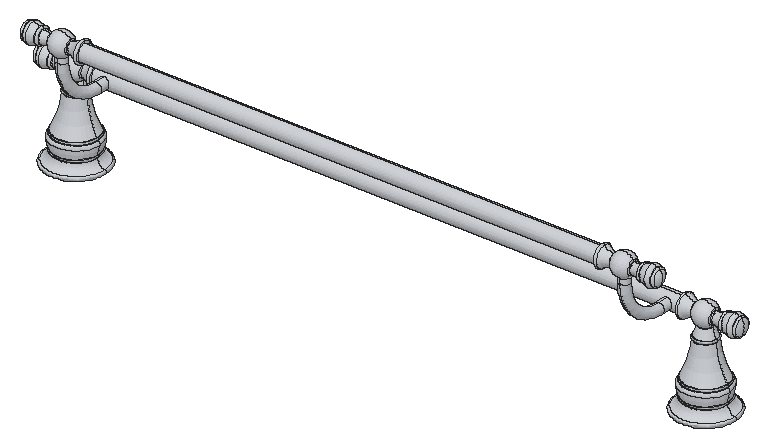
Revit family "Accessory-Towel_Bar-KOHLER-REVIVAL-K-98106T", category Specialty Equipment, host Face, Revit 2017
Family settings
  Host = Face
  Round Connector Dimension = Use Diameter
  Part Type = Normal
  OmniClass Number = 23.31.25.25
  OmniClass Title = Towel Bars
  Cut with Voids When Loaded = No
  Shared = No
  Room Calculation Point = No
Parameters (values of type "CP-Polished Chrome")
  Width = 23.97638"  # constant formula
  WaterSense Certified = 1 = 0  # no
  URL = "http://www.kohler.com.cn/"
  Type = 1
  Product Page URL = "https://www.kohler.com.cn/product/K-98106T-CP/K-98106T-CP/"
  Product Name = "REVIVAL"  # constant formula
  Product Documentation Link = "https://files.kohler.com.cn/pdfs/k_98106t.pdf"
  Model = if(Type = 1, "K-98106T-CP", if(Type = 2, "K-98106T-AF", "NA"))  # "K-98106T-CP"
  Material = "Premium Metal Construction"  # constant formula
  Master Format 2014 Name = "Toilet, Bath, and Laundry Accessories"  # constant formula
  Master Format 2014 = "10 28 00"  # constant formula
  Manufacturer Address = "Kohler Beijing Office (100016) 36-2-03-B, No. 88, Liuxiang Road, Beijing"  # constant formula
  Manufacturer = "KOHLER Co."  # constant formula
  Length = 5.94488"  # constant formula
  Height = 3.85827"  # constant formula
  Finish = Kohler-Metal-CP-Polished_Chrome
  Environmental Product Declaration = ""
  Description = "24 Inch Double towel Bar"  # constant formula
  Default Elevation = 42"
  Declare Label = ""
  Date Modified = "07/21/2020"  # constant formula
  Date Created = "07/21/2020"  # constant formula
  Copyright = "Copyright KOHLER Co."  # constant formula
  Contact Us = "http://www.kohler.com.cn/contact/contact-us/"
  Assembly Code = "C1030200"
  ADA Compliant = 1 = 0  # no
Reference planes (in)
  plane 1 "Center (Front/Back)": y = 0
  plane 2: z = 0
  plane 3 "Center (Left/Right)": x = 0
  plane 4: y = 1.14173
  plane 5: x = -13.4252
  plane 6: x = -11.98819
  plane 7: x = -10.70866
  plane 8: y = -2.71654
  plane 9: y = -2.28346
  plane 10: y = -1.14173
  plane 11: x = -13.12992
  plane 12: x = -10.70866
  plane 13: x = -10.84646
  plane 14: x = -12.15798
  plane 15: x = -11.16929
  plane 16: x = -10.90551
  plane 17: x = -10.51181
  plane 18: x = -9.84852
  plane 19: x = 13.4252
  plane 20: x = 11.98819
  plane 21: x = 10.70866
  plane 22: x = 13.12992
  plane 23: x = 10.84646
  plane 24: x = 12.15798
  plane 25: x = 11.16929
  plane 26: x = 10.90551
  plane 27: x = 10.51181
  plane 28: x = 9.84852
  plane 29: y = 0.43946
  plane 30: y = 0.3112
  plane 31: y = -0.43946
  plane 32: y = -0.3112
  plane 33: y = -1.85039
  plane 34: z = 5.94488
  plane 35: z = 5.82284
  plane 36: z = 5.51181
  plane 37: z = 5.07874
  plane 38: z = 5.20079
  plane 39: z = 3.71925
  plane 40: z = 3.59102
  plane 41: z = 3.28
  plane 42: z = 2.84075
  plane 43: z = 2.84075
Dimensions and locks (in)
  "Width": plane 6 to plane 20
  "Length": level to plane 34
  plane 19 to plane 5 = 26.85039"
  plane 21 to plane 12 = 21.41732"
  level to plane 36 = 5.51181"
  plane 22 to plane 23 = 2.28346"
  locked: plane 36 to plane 2 at 5.51181
  "Height": plane 8 to plane 4
  locked: plane 7 to plane 21 at 21.41732
  locked: plane 5 to plane 19 at 26.85039
  locked: plane 10 to plane 4 at 2.28346
  locked: plane 11 to plane 13 at 2.28346
  locked: plane 23 to plane 22 at 2.28346
  aligned and locked: plane 2 to host face
  aligned and locked: level to host face
Automatic sketch dimensions
  host sketch curve to host sketch curve = 96"  (x2)
Nested families (in)
  nested 1: "K-98106T" at (0, 0, 0), type "K-98106T"
Definition of nested family "K-98106T"
  Parameters (values of type "K-98106T")
    Material = none
  Reference planes (in)
    plane 1 "Center (Front/Back)": y = 0
    plane 2: z = 0
    plane 3 "Center (Left/Right)": x = 0
    plane 4: x = 11.98819
    plane 5: x = -11.98819
    plane 6: y = 1.14173
    plane 7: y = -1.14173
    plane 8: x = -10.70866
    plane 9: x = 10.70866
    plane 10: x = -13.4252
    plane 11: x = 13.4252
    plane 12: y = -2.71654
    plane 13: z = 5.94488
    plane 14: z = 5.51181
    plane 15: z = 3.28
    plane 16: y = -2.28346
    plane 17: x = -13.12992
    plane 18: x = -10.84646
    plane 19: x = 13.12992
    plane 20: x = 10.84646
    plane 21: y = -1.85039
    plane 22: x = -9.84852
    plane 23: x = 9.84852
    plane 24: x = -10.90551
    plane 25: x = -10.51181
    plane 26: x = -11.16929
    plane 27: x = 11.98819
    plane 28: x = 10.70866
    plane 29: x = 13.12992
    plane 30: x = 10.84646
    plane 31: x = 9.84852
    plane 32: x = 10.90551
    plane 33: x = 10.51181
    plane 34: x = 11.16929
    plane 35: y = 0.3112
    plane 36: y = -0.3112
    plane 37: y = 0.43946
    plane 38: y = -0.3112
    plane 39: y = -0.43946
    plane 40: y = -1.97301
    plane 41: y = -2.59391
    plane 42: x = -12.15798
    plane 43: x = 12.15798
    plane 44: z = 5.07874
    plane 45: z = 5.82284
    plane 46: z = 5.20079
    plane 47: z = 3.71925
    plane 48: z = 3.59102
    plane 49: z = 2.84075
    plane 50: z = 2.96898
  Forms (in)
    Revolve 1, solid, material <- "Material", detail levels medium+fine
      sketch origin (0, 0, 0) x (1, 0, 0) y (0, 0, 1)
        loop
          arc (13.36008, 3.5854) -> (13.32288, 3.61899) -> (13.27529, 3.60329) r 0.04986
          arc (13.27529, 3.60329) -> (13.25757, 3.59632) -> (13.24151, 3.60654) r 0.02099
          arc (13.24151, 3.60654) -> (13.17682, 3.6656) -> (13.09015, 3.67831) r 0.14959
          arc (13.09015, 3.67831) -> (12.96204, 3.64884) -> (12.83973, 3.60067) r 0.88225
          arc (12.83973, 3.60067) -> (12.82269, 3.59821) -> (12.80734, 3.60601) r 0.02852
          arc (12.80734, 3.60601) -> (12.75319, 3.61643) -> (12.72262, 3.57054) r 0.04981
          arc (12.72262, 3.57054) -> (12.71755, 3.55527) -> (12.70438, 3.54604) r 0.0256
          arc (12.70438, 3.54604) -> (12.56005, 3.51379) -> (12.4126, 3.5025) r 1.03164
          line (12.4126, 3.5025) -> (12.32819, 3.5025) -> (12.32819, 3.55856)
          arc (12.32819, 3.55856) -> (11.98837, 3.71952) -> (11.64819, 3.55934) r 0.44026
          line (11.64819, 3.55934) -> (11.64819, 3.37191) -> (11.59829, 3.37191) -> (11.59829, 3.5143)
          arc (11.59829, 3.5143) -> (11.41141, 3.58739) -> (11.2446, 3.69893) r 0.92834
          arc (11.2446, 3.69893) -> (11.19576, 3.70535) -> (11.16929, 3.66379) r 0.04585
          line (11.16929, 3.66379) -> (11.16929, 3.28) -> (13.4252, 3.28)
          arc (13.4252, 3.28) -> (13.40874, 3.43613) -> (13.36008, 3.5854) r 0.74869
        axis (13.4252, 3.28) -> (11.16929, 3.28)
      angle from 0 to 360
    Revolve 2, solid, material <- "Material", detail levels medium+fine
      sketch origin (0, 0, 0) x (1, 0, 0) y (0, 0, 1)
        loop
          line (11.98819, 0) -> (13.07864, 0)
          arc (13.07864, 0) -> (13.13864, 0.06) -> (13.07864, 0.12) r 0.06
          arc (13.07864, 0.12) -> (12.88906, 0.24508) -> (12.80871, 0.45752) r 0.36883
          arc (12.80871, 0.45752) -> (12.81225, 0.4729) -> (12.8233, 0.48417) r 0.02909
          arc (12.8233, 0.48417) -> (12.83827, 0.50882) -> (12.82538, 0.53462) r 0.02982
          arc (12.82538, 0.53462) -> (12.81636, 0.54679) -> (12.8167, 0.56193) r 0.02337
          arc (12.8167, 0.56193) -> (12.86446, 0.72786) -> (12.88792, 0.89892) r 1.2003
          arc (12.88792, 0.89892) -> (12.8747, 0.98072) -> (12.82725, 1.04865) r 0.18599
          arc (12.82725, 1.04865) -> (12.8193, 1.06244) -> (12.82086, 1.07828) r 0.02602
          arc (12.82086, 1.07828) -> (12.8214, 1.10066) -> (12.8062, 1.1171) r 0.0298
          arc (12.8062, 1.1171) -> (12.79258, 1.12638) -> (12.78254, 1.13945) r 0.05216
          arc (12.78254, 1.13945) -> (12.52158, 1.77324) -> (12.39975, 2.44774) r 3.24096
          arc (12.39975, 2.44774) -> (12.40293, 2.46298) -> (12.41368, 2.47423) r 0.02831
          arc (12.41368, 2.47423) -> (12.42795, 2.50574) -> (12.40298, 2.52967) r 0.02993
          arc (12.40298, 2.52967) -> (12.3885, 2.5356) -> (12.37839, 2.54754) r 0.0329
          arc (12.37839, 2.54754) -> (12.3026, 2.72193) -> (12.24536, 2.90326) r 1.82523
          arc (12.24536, 2.90326) -> (12.24501, 2.92071) -> (12.25256, 2.93645) r 0.03771
          line (12.25256, 2.93645) -> (12.2987, 2.99344) -> (11.98819, 2.99344) -> (11.98819, 0)
        axis (11.98819, 2.99344) -> (11.98819, 0)
      angle from 0 to 360
    Revolve 3, solid, material <- "Material", detail levels medium+fine
      sketch origin (0, 0, 0) x (-1, 0, 0) y (0, 0, 1)
        loop
          arc (13.35677, 3.59269) -> (13.31923, 3.62049) -> (13.27563, 3.60369) r 0.04849
          arc (13.27563, 3.60369) -> (13.25784, 3.5963) -> (13.24151, 3.60654) r 0.02099
          arc (13.24151, 3.60654) -> (13.17682, 3.6656) -> (13.09015, 3.67831) r 0.14959
          arc (13.09015, 3.67831) -> (12.96204, 3.64884) -> (12.83973, 3.60067) r 0.88225
          arc (12.83973, 3.60067) -> (12.82269, 3.59821) -> (12.80734, 3.60601) r 0.02852
          arc (12.80734, 3.60601) -> (12.75328, 3.61647) -> (12.72262, 3.57074) r 0.04981
          arc (12.72262, 3.57074) -> (12.71747, 3.55534) -> (12.70419, 3.54599) r 0.02602
          arc (12.70419, 3.54599) -> (12.56001, 3.51343) -> (12.4126, 3.5025) r 0.99934
          line (12.4126, 3.5025) -> (12.32819, 3.5025) -> (12.32819, 3.55856)
          arc (12.32819, 3.55856) -> (11.98837, 3.71952) -> (11.64819, 3.55934) r 0.44026
          line (11.64819, 3.55934) -> (11.64819, 3.37191) -> (11.59829, 3.37191) -> (11.59829, 3.5143)
          arc (11.59829, 3.5143) -> (11.41141, 3.58739) -> (11.2446, 3.69893) r 0.92834
          arc (11.2446, 3.69893) -> (11.19576, 3.70535) -> (11.16929, 3.66379) r 0.04585
          line (11.16929, 3.66379) -> (11.16929, 3.28) -> (13.4252, 3.28)
          arc (13.4252, 3.28) -> (13.40789, 3.44004) -> (13.35677, 3.59269) r 0.74869
        axis (13.4252, 3.28) -> (11.16929, 3.28)
      angle from 0 to 360
    Revolve 4, solid, material <- "Material", detail levels medium+fine
      sketch origin (0, 0, 0) x (-1, 0, 0) y (0, 0, 1)
        loop
          line (11.98819, 0) -> (13.07864, 0)
          arc (13.07864, 0) -> (13.13864, 0.06) -> (13.07864, 0.12) r 0.06
          arc (13.07864, 0.12) -> (12.88906, 0.24508) -> (12.80871, 0.45752) r 0.36883
          arc (12.80871, 0.45752) -> (12.81225, 0.4729) -> (12.8233, 0.48417) r 0.02909
          arc (12.8233, 0.48417) -> (12.83827, 0.50882) -> (12.82538, 0.53462) r 0.02982
          arc (12.82538, 0.53462) -> (12.81636, 0.54679) -> (12.8167, 0.56193) r 0.02337
          arc (12.8167, 0.56193) -> (12.86446, 0.72786) -> (12.88792, 0.89892) r 1.2003
          arc (12.88792, 0.89892) -> (12.8747, 0.98072) -> (12.82725, 1.04865) r 0.18599
          arc (12.82725, 1.04865) -> (12.8193, 1.06244) -> (12.82086, 1.07828) r 0.02602
          arc (12.82086, 1.07828) -> (12.8214, 1.10066) -> (12.8062, 1.1171) r 0.0298
          arc (12.8062, 1.1171) -> (12.79258, 1.12638) -> (12.78254, 1.13945) r 0.05216
          arc (12.78254, 1.13945) -> (12.52158, 1.77324) -> (12.39975, 2.44774) r 3.24096
          arc (12.39975, 2.44774) -> (12.40293, 2.46298) -> (12.41368, 2.47423) r 0.02831
          arc (12.41368, 2.47423) -> (12.42795, 2.50574) -> (12.40298, 2.52967) r 0.02993
          arc (12.40298, 2.52967) -> (12.3885, 2.5356) -> (12.37839, 2.54754) r 0.0329
          arc (12.37839, 2.54754) -> (12.3026, 2.72193) -> (12.24536, 2.90326) r 1.82523
          arc (12.24536, 2.90326) -> (12.24501, 2.92071) -> (12.25256, 2.93645) r 0.03771
          line (12.25256, 2.93645) -> (12.2987, 2.99344) -> (11.98819, 2.99344) -> (11.98819, 0)
        axis (11.98819, 2.99344) -> (11.98819, 0)
      angle from 0 to 360
    Revolve 5, solid, material <- "Material", detail levels medium+fine
      sketch origin (0, 0, 0) x (1, 0, 0) y (0, 0, 1)
        loop
          line (11.16929, 3.28) -> (11.16929, 3.59102) -> (-11.20029, 3.59102) -> (-11.20029, 3.28) -> (11.16929, 3.28)
        axis (11.16929, 3.28) -> (-11.20029, 3.28)
      angle from 0 to 360
    Revolve 6, solid, material <- "Material", detail levels medium+fine
      sketch origin (0, -2.28346, 2.23181) x (1, 0, 0) y (0, 0, 1)
        loop
          line (9.88838, 3.28) -> (9.88838, 3.59102) -> (-9.90865, 3.59102) -> (-9.90865, 3.28) -> (9.88838, 3.28)
        axis (9.88838, 3.28) -> (-9.90865, 3.28)
      angle from 0 to 360
    Revolve 7, solid, material <- "Material", detail levels medium+fine
      sketch origin (0, -2.28346, 0) x (1, 0, 0) y (0, 0, 1)
        loop
          arc (11.96127, 5.81562) -> (11.94388, 5.80868) -> (11.92807, 5.81873) r 0.02055
          arc (11.92807, 5.81873) -> (11.86329, 5.8781) -> (11.77636, 5.89091) r 0.14977
          arc (11.77636, 5.89091) -> (11.64766, 5.86127) -> (11.52483, 5.81273) r 0.88144
          arc (11.52483, 5.81273) -> (11.50871, 5.81047) -> (11.49432, 5.81806) r 0.02649
          arc (11.49432, 5.81806) -> (11.44037, 5.82965) -> (11.40874, 5.78443) r 0.04989
          arc (11.40874, 5.78443) -> (11.40296, 5.76799) -> (11.38863, 5.75808) r 0.02822
          arc (11.38863, 5.75808) -> (11.24528, 5.72614) -> (11.09882, 5.7151) r 1.02049
          line (11.09882, 5.7151) -> (11.04882, 5.7151) -> (11.04882, 5.77318)
          arc (11.04882, 5.77318) -> (10.70787, 5.94488) -> (10.3685, 5.77007) r 0.42056
          line (10.3685, 5.77007) -> (10.3685, 5.71571) -> (10.31634, 5.71571)
          arc (10.31634, 5.71571) -> (10.12085, 5.78434) -> (9.94425, 5.8927) r 0.97573
          arc (9.94425, 5.8927) -> (9.88815, 5.92182) -> (9.84852, 5.87257) r 0.0499
          line (9.84852, 5.87257) -> (9.84852, 5.51181) -> (12.1571, 5.51181)
          arc (12.1571, 5.51181) -> (12.12851, 5.66494) -> (12.04657, 5.79742) r 0.42428
          arc (12.04657, 5.79742) -> (12.00927, 5.8316) -> (11.96127, 5.81562) r 0.04991
        axis (12.1571, 5.51181) -> (9.84852, 5.51181)
      angle from 0 to 360
    Revolve 8, solid, material <- "Material", detail levels medium+fine
      sketch origin (0, -2.28346, 0) x (-1, 0, 0) y (0, 0, -1)
        loop
          arc (11.96127, -5.81562) -> (12.00927, -5.8316) -> (12.04657, -5.79742) r 0.04991
          arc (12.04657, -5.79742) -> (12.12851, -5.66494) -> (12.1571, -5.51181) r 0.42428
          line (12.1571, -5.51181) -> (9.84852, -5.51181) -> (9.84852, -5.87257)
          arc (9.84852, -5.87257) -> (9.88815, -5.92182) -> (9.94425, -5.8927) r 0.0499
          arc (9.94425, -5.8927) -> (10.12085, -5.78434) -> (10.31634, -5.71571) r 0.97573
          line (10.31634, -5.71571) -> (10.3685, -5.71571) -> (10.3685, -5.77007)
          arc (10.3685, -5.77007) -> (10.70787, -5.94488) -> (11.04882, -5.77318) r 0.42056
          line (11.04882, -5.77318) -> (11.04882, -5.7151) -> (11.09882, -5.7151)
          arc (11.09882, -5.7151) -> (11.24528, -5.72614) -> (11.38863, -5.75808) r 1.02049
          arc (11.38863, -5.75808) -> (11.40296, -5.76799) -> (11.40874, -5.78443) r 0.02822
          arc (11.40874, -5.78443) -> (11.44037, -5.82965) -> (11.49432, -5.81806) r 0.04989
          arc (11.49432, -5.81806) -> (11.50871, -5.81047) -> (11.52483, -5.81273) r 0.02649
          arc (11.52483, -5.81273) -> (11.64766, -5.86127) -> (11.77636, -5.89091) r 0.88144
          arc (11.77636, -5.89091) -> (11.86329, -5.8781) -> (11.92807, -5.81873) r 0.14977
          arc (11.92807, -5.81873) -> (11.94388, -5.80868) -> (11.96127, -5.81562) r 0.02055
        axis (12.1571, -5.51181) -> (9.84852, -5.51181)
      angle from 0 to 360
    Sweep 9, solid, material <- "Material", detail levels medium+fine
      path origin (0, 0, 0) x (0, 1, 0) y (0, 0, 1)
        loop
          line (-0.2225, 3.28) -> (-0.64979, 3.28)
          arc (-0.64979, 3.28) -> (-1.80497, 3.75849) -> (-2.28346, 4.91368) r 1.63368
          line (-2.28346, 4.91368) -> (-2.28346, 5.30792)
      profile origin (0, -0.43614, 3.28) x (0, 0, -1) y (1, 0, 0)
        loop
          circle (0, 10.70866) r 0.19685
    Sweep 10, solid, material <- "Material", detail levels medium+fine
      path origin (0, 0, 0) x (0, 1, 0) y (0, 0, -1)
        loop
          line (-0.2225, -3.28) -> (-0.64979, -3.28)
          arc (-0.64979, -3.28) -> (-1.80497, -3.75849) -> (-2.28346, -4.91368) r 1.63368
          line (-2.28346, -4.91368) -> (-2.28346, -5.30792)
      profile origin (0, -0.43614, 3.28) x (0, 0, 1) y (-1, 0, 0)
        loop
          circle (0, 10.70866) r 0.19685
    Extrusion 11, solid, material <- "Material", detail levels coarse
      sketch origin (0, 0, 0) x (0, 1, 0) y (0, 0, 1)
        loop
          circle (0, 3.28) r 0.48909
      from -13.4252 to 13.42724
    Sweep 12, solid, material <- "Material", detail levels coarse
      path origin (10.70866, 0, 0) x (0, 1, 0) y (0, 0, 1)
        loop
          arc (-0.3054, 3.28) -> (-1.74929, 3.71565) -> (-2.28346, 5.12606) r 1.70596
      profile origin (10.70866, -1.74929, 3.71565) x (0, -0.682293, -0.731079) y (1, 0, 0)
        loop
          circle (0, 0) r 0.27559
    Sweep 13, solid, material <- "Material", detail levels coarse
      path origin (-10.70866, 0, 0.18692) x (0, 1, 0) y (0, 0, 1)
        loop
          arc (-0.3054, 3.28) -> (-1.74929, 3.71565) -> (-2.28346, 5.12606) r 1.70596
      profile origin (-10.70866, -1.74929, 3.90257) x (0, -0.682293, -0.731079) y (1, 0, 0)
        loop
          circle (0, 0) r 0.27559
    Revolve 14, solid, material <- "Material", detail levels coarse
      sketch origin (0, 0, 0) x (1, 0, 0) y (0, 0, 1)
        loop
          line (11.98819, 0) -> (13.12992, 0) -> (13.12992, 0.12) -> (12.88789, 0.12) -> (12.88789, 0.89893) -> (12.32819, 2.65527) -> (12.32819, 3.28) -> (11.98819, 3.28) -> (11.98819, 0)
        axis (11.98819, 3.28) -> (11.98819, 0)
      angle from 0 to 360
    Revolve 15, solid, material <- "Material", detail levels coarse
      sketch origin (0, 0, 0) x (-1, 0, 0) y (0, 0, 1)
        loop
          line (11.98819, 0) -> (13.12992, 0) -> (13.12992, 0.12) -> (12.88789, 0.12) -> (12.88789, 0.89893) -> (12.32819, 2.65527) -> (12.32819, 3.28) -> (11.98819, 3.28) -> (11.98819, 0)
        axis (11.98819, 3.28) -> (11.98819, 0)
      angle from 0 to 360
    Extrusion 16, solid, material <- "Material", detail levels coarse
      sketch origin (0, 0, 0) x (0, 1, 0) y (0, 0, 1)
        loop
          circle (-2.28346, 5.51181) r 0.43307
      from -12.15436 to 12.15419
  Cuts and joins
    joined: Revolve 1, Revolve 2, Revolve 3, Revolve 4, Revolve 5, Revolve 6, Revolve 7, Revolve 8, Sweep 9, Sweep 10
    joined: Extrusion 11, Sweep 12, Sweep 13, Revolve 14, Revolve 15
  Lines and regions (in)
    Masking region 1
      outline origin (0, 0, 0) x (1, 0, 0) y (0, 0, 1)
        loop
          line (10.90646, 0) -> (13.06992, 0)
          arc (13.06992, 0) -> (13.12992, 0.06) -> (13.06992, 0.12) r 0.06
          arc (13.06992, 0.12) -> (12.88666, 0.24767) -> (12.80908, 0.45711) r 0.37333
          arc (12.80908, 0.45711) -> (12.8127, 0.47323) -> (12.82414, 0.48515) r 0.03075
          arc (12.82414, 0.48515) -> (12.83846, 0.50937) -> (12.82567, 0.53443) r 0.02919
          arc (12.82567, 0.53443) -> (12.81646, 0.54677) -> (12.81684, 0.56216) r 0.02354
          arc (12.81684, 0.56216) -> (12.86502, 0.72788) -> (12.88789, 0.89893) r 1.1512
          arc (12.88789, 0.89893) -> (12.87427, 0.98096) -> (12.82666, 1.04912) r 0.1884
          arc (12.82666, 1.04912) -> (12.81902, 1.06258) -> (12.82078, 1.07795) r 0.02495
          arc (12.82078, 1.07795) -> (12.82157, 1.10071) -> (12.80597, 1.1173) r 0.02961
          arc (12.80597, 1.1173) -> (12.79277, 1.12604) -> (12.78308, 1.13856) r 0.04865
          arc (12.78308, 1.13856) -> (12.52218, 1.77295) -> (12.39975, 2.44787) r 3.26109
          arc (12.39975, 2.44787) -> (12.40291, 2.46302) -> (12.41361, 2.47419) r 0.02805
          arc (12.41361, 2.47419) -> (12.42797, 2.50553) -> (12.4033, 2.5296) r 0.02993
          arc (12.4033, 2.5296) -> (12.38847, 2.53578) -> (12.37806, 2.54801) r 0.03446
          arc (12.37806, 2.54801) -> (12.30179, 2.72157) -> (12.24549, 2.9026) r 1.68591
          arc (12.24549, 2.9026) -> (12.24625, 2.91841) -> (12.25565, 2.93115) r 0.02734
          arc (12.25565, 2.93115) -> (12.29417, 2.96397) -> (12.32819, 3.00144) r 0.39536
          line (12.32819, 3.00144) -> (12.32819, 3.05758) -> (12.4126, 3.05758)
          arc (12.4126, 3.05758) -> (12.56103, 3.04644) -> (12.70613, 3.01328) r 0.99461
          arc (12.70613, 3.01328) -> (12.71853, 3.00433) -> (12.72299, 2.9897) r 0.02394
          arc (12.72299, 2.9897) -> (12.75248, 2.94326) -> (12.80654, 2.95341) r 0.04905
          arc (12.80654, 2.95341) -> (12.82324, 2.96186) -> (12.84172, 2.95895) r 0.03045
          arc (12.84172, 2.95895) -> (12.95461, 2.91265) -> (13.0734, 2.88474) r 0.77101
          arc (13.0734, 2.88474) -> (13.16929, 2.89088) -> (13.24169, 2.95405) r 0.14968
          arc (13.24169, 2.95405) -> (13.25749, 2.96416) -> (13.2749, 2.95719) r 0.02051
          arc (13.2749, 2.95719) -> (13.32258, 2.94101) -> (13.36008, 2.9746) r 0.0499
          arc (13.36008, 2.9746) -> (13.4252, 3.28) -> (13.36008, 3.5854) r 0.74869
          arc (13.36008, 3.5854) -> (13.32258, 3.61899) -> (13.2749, 3.60281) r 0.0499
          arc (13.2749, 3.60281) -> (13.25749, 3.59584) -> (13.24169, 3.60595) r 0.02051
          arc (13.24169, 3.60595) -> (13.16929, 3.66912) -> (13.0734, 3.67526) r 0.14968
          arc (13.0734, 3.67526) -> (12.95461, 3.64735) -> (12.84172, 3.60105) r 0.77101
          arc (12.84172, 3.60105) -> (12.82324, 3.59814) -> (12.80654, 3.60659) r 0.03045
          arc (12.80654, 3.60659) -> (12.75248, 3.61674) -> (12.72299, 3.5703) r 0.04905
          arc (12.72299, 3.5703) -> (12.71853, 3.55567) -> (12.70613, 3.54672) r 0.02394
          arc (12.70613, 3.54672) -> (12.56103, 3.51356) -> (12.4126, 3.50242) r 0.99461
          line (12.4126, 3.50242) -> (12.32819, 3.50242) -> (12.32819, 3.55856)
          arc (12.32819, 3.55856) -> (11.98819, 3.71925) -> (11.64819, 3.55856) r 0.44005
          line (11.64819, 3.55856) -> (11.64819, 3.37191) -> (11.59829, 3.37191) -> (11.59829, 3.5143)
          arc (11.59829, 3.5143) -> (11.41106, 3.58753) -> (11.2441, 3.69954) r 0.92376
          arc (11.2441, 3.69954) -> (11.1956, 3.70599) -> (11.16929, 3.66474) r 0.0455
          line (11.16929, 3.66474) -> (11.16929, 3.59102) -> (10.90551, 3.59102) -> (10.90551, 5.12736)
          arc (10.90551, 5.12736) -> (10.98413, 5.1808) -> (11.04882, 5.25044) r 0.42279
          line (11.04882, 5.25044) -> (11.04882, 5.30852) -> (11.09882, 5.30852)
          arc (11.09882, 5.30852) -> (11.2449, 5.29707) -> (11.38801, 5.26561) r 1.06183
          arc (11.38801, 5.26561) -> (11.40376, 5.25484) -> (11.41018, 5.23686) r 0.03089
          arc (11.41018, 5.23686) -> (11.44074, 5.19354) -> (11.49255, 5.20478) r 0.04799
          arc (11.49255, 5.20478) -> (11.50975, 5.21362) -> (11.52878, 5.21026) r 0.03031
          arc (11.52878, 5.21026) -> (11.6528, 5.15803) -> (11.78476, 5.13169) r 0.66893
          arc (11.78476, 5.13169) -> (11.86689, 5.14741) -> (11.92751, 5.20502) r 0.14851
          arc (11.92751, 5.20502) -> (11.94345, 5.21525) -> (11.96105, 5.20823) r 0.02071
          arc (11.96105, 5.20823) -> (12.00908, 5.19213) -> (12.04657, 5.2262) r 0.05006
          arc (12.04657, 5.2262) -> (12.15699, 5.51181) -> (12.04657, 5.79742) r 0.42458
          arc (12.04657, 5.79742) -> (12.00908, 5.83149) -> (11.96105, 5.81539) r 0.05006
          arc (11.96105, 5.81539) -> (11.94345, 5.80838) -> (11.92751, 5.8186) r 0.02071
          arc (11.92751, 5.8186) -> (11.86689, 5.87621) -> (11.78476, 5.89193) r 0.14851
          arc (11.78476, 5.89193) -> (11.6528, 5.86559) -> (11.52878, 5.81337) r 0.66893
          arc (11.52878, 5.81337) -> (11.50975, 5.81001) -> (11.49255, 5.81884) r 0.03031
          arc (11.49255, 5.81884) -> (11.44074, 5.83009) -> (11.41018, 5.78676) r 0.04799
          arc (11.41018, 5.78676) -> (11.40376, 5.76879) -> (11.38801, 5.75802) r 0.03089
          arc (11.38801, 5.75802) -> (11.2449, 5.72656) -> (11.09882, 5.7151) r 1.06183
          line (11.09882, 5.7151) -> (11.04882, 5.7151) -> (11.04882, 5.77318)
          arc (11.04882, 5.77318) -> (10.70866, 5.94488) -> (10.3685, 5.77318) r 0.42279
          line (10.3685, 5.77318) -> (10.3685, 5.71571) -> (10.31634, 5.71571)
          arc (10.31634, 5.71571) -> (10.1209, 5.78446) -> (9.94425, 5.8927) r 0.9816
          arc (9.94425, 5.8927) -> (9.88921, 5.92217) -> (9.8496, 5.87392) r 0.04919
          line (9.8496, 5.87392) -> (9.84852, 5.82284) -> (-9.84852, 5.82284) -> (-9.84852, 5.87392)
          arc (-9.84852, 5.87392) -> (-9.88921, 5.92217) -> (-9.94425, 5.8927) r 0.04919
          arc (-9.94425, 5.8927) -> (-10.1209, 5.78446) -> (-10.31634, 5.71571) r 0.9816
          line (-10.31634, 5.71571) -> (-10.3685, 5.71571) -> (-10.3685, 5.77318)
          arc (-10.3685, 5.77318) -> (-10.70866, 5.94488) -> (-11.04882, 5.77318) r 0.42279
          line (-11.04882, 5.77318) -> (-11.04882, 5.7151) -> (-11.09882, 5.7151)
          arc (-11.09882, 5.7151) -> (-11.2449, 5.72656) -> (-11.38801, 5.75802) r 1.06183
          arc (-11.38801, 5.75802) -> (-11.40376, 5.76879) -> (-11.41018, 5.78676) r 0.03089
          arc (-11.41018, 5.78676) -> (-11.44074, 5.83009) -> (-11.49255, 5.81884) r 0.04799
          arc (-11.49255, 5.81884) -> (-11.50975, 5.81001) -> (-11.52878, 5.81337) r 0.03031
          arc (-11.52878, 5.81337) -> (-11.6528, 5.86559) -> (-11.78476, 5.89193) r 0.66893
          arc (-11.78476, 5.89193) -> (-11.86689, 5.87621) -> (-11.92751, 5.8186) r 0.14851
          arc (-11.92751, 5.8186) -> (-11.94345, 5.80838) -> (-11.96105, 5.81539) r 0.02071
          arc (-11.96105, 5.81539) -> (-12.00908, 5.83149) -> (-12.04657, 5.79742) r 0.05006
          arc (-12.04657, 5.79742) -> (-12.15699, 5.51181) -> (-12.04657, 5.2262) r 0.42458
          arc (-12.04657, 5.2262) -> (-12.00908, 5.19213) -> (-11.96105, 5.20823) r 0.05006
          arc (-11.96105, 5.20823) -> (-11.94345, 5.21525) -> (-11.92751, 5.20502) r 0.02071
          arc (-11.92751, 5.20502) -> (-11.86689, 5.14741) -> (-11.78476, 5.13169) r 0.14851
          arc (-11.78476, 5.13169) -> (-11.6528, 5.15803) -> (-11.52878, 5.21026) r 0.66893
          arc (-11.52878, 5.21026) -> (-11.50975, 5.21362) -> (-11.49255, 5.20478) r 0.03031
          arc (-11.49255, 5.20478) -> (-11.44074, 5.19354) -> (-11.41018, 5.23686) r 0.04799
          arc (-11.41018, 5.23686) -> (-11.40376, 5.25484) -> (-11.38801, 5.26561) r 0.03089
          arc (-11.38801, 5.26561) -> (-11.2449, 5.29707) -> (-11.09882, 5.30852) r 1.06183
          line (-11.09882, 5.30852) -> (-11.04882, 5.30852) -> (-11.04882, 5.25044)
          arc (-11.04882, 5.25044) -> (-10.98413, 5.1808) -> (-10.90551, 5.12736) r 0.42279
          line (-10.90551, 5.12736) -> (-10.90551, 3.59102) -> (-11.16929, 3.59102) -> (-11.16929, 3.66474)
          arc (-11.16929, 3.66474) -> (-11.1956, 3.70599) -> (-11.2441, 3.69954) r 0.0455
          arc (-11.2441, 3.69954) -> (-11.41106, 3.58753) -> (-11.59829, 3.5143) r 0.92376
          line (-11.59829, 3.5143) -> (-11.59829, 3.37191) -> (-11.64819, 3.37191) -> (-11.64819, 3.55856)
          arc (-11.64819, 3.55856) -> (-11.98819, 3.71925) -> (-12.32819, 3.55856) r 0.44005
          line (-12.32819, 3.55856) -> (-12.32819, 3.50242) -> (-12.4126, 3.50242)
          arc (-12.4126, 3.50242) -> (-12.56103, 3.51356) -> (-12.70613, 3.54672) r 0.99461
          arc (-12.70613, 3.54672) -> (-12.71853, 3.55567) -> (-12.72299, 3.5703) r 0.02394
          arc (-12.72299, 3.5703) -> (-12.75248, 3.61674) -> (-12.80654, 3.60659) r 0.04905
          arc (-12.80654, 3.60659) -> (-12.82324, 3.59814) -> (-12.84172, 3.60105) r 0.03045
          arc (-12.84172, 3.60105) -> (-12.95461, 3.64735) -> (-13.0734, 3.67526) r 0.77101
          arc (-13.0734, 3.67526) -> (-13.16929, 3.66912) -> (-13.24169, 3.60595) r 0.14968
          arc (-13.24169, 3.60595) -> (-13.25749, 3.59584) -> (-13.2749, 3.60281) r 0.02051
          arc (-13.2749, 3.60281) -> (-13.32258, 3.61899) -> (-13.36008, 3.5854) r 0.0499
          arc (-13.36008, 3.5854) -> (-13.4252, 3.28) -> (-13.36008, 2.9746) r 0.74869
          arc (-13.36008, 2.9746) -> (-13.32258, 2.94101) -> (-13.2749, 2.95719) r 0.0499
          arc (-13.2749, 2.95719) -> (-13.25749, 2.96416) -> (-13.24169, 2.95405) r 0.02051
          arc (-13.24169, 2.95405) -> (-13.16929, 2.89088) -> (-13.0734, 2.88474) r 0.14968
          arc (-13.0734, 2.88474) -> (-12.95461, 2.91265) -> (-12.84172, 2.95895) r 0.77101
          arc (-12.84172, 2.95895) -> (-12.82324, 2.96186) -> (-12.80654, 2.95341) r 0.03045
          arc (-12.80654, 2.95341) -> (-12.75248, 2.94326) -> (-12.72299, 2.9897) r 0.04905
          arc (-12.72299, 2.9897) -> (-12.71853, 3.00433) -> (-12.70613, 3.01328) r 0.02394
          arc (-12.70613, 3.01328) -> (-12.56103, 3.04644) -> (-12.4126, 3.05758) r 0.99461
          line (-12.4126, 3.05758) -> (-12.32819, 3.05758) -> (-12.32819, 3.00144)
          arc (-12.32819, 3.00144) -> (-12.29417, 2.96397) -> (-12.25565, 2.93115) r 0.39536
          arc (-12.25565, 2.93115) -> (-12.24625, 2.91841) -> (-12.24549, 2.9026) r 0.02734
          arc (-12.24549, 2.9026) -> (-12.30179, 2.72157) -> (-12.37806, 2.54801) r 1.68591
          arc (-12.37806, 2.54801) -> (-12.38847, 2.53578) -> (-12.4033, 2.5296) r 0.03446
          arc (-12.4033, 2.5296) -> (-12.42797, 2.50553) -> (-12.41361, 2.47419) r 0.02993
          arc (-12.41361, 2.47419) -> (-12.40291, 2.46302) -> (-12.39975, 2.44787) r 0.02805
          arc (-12.39975, 2.44787) -> (-12.52218, 1.77295) -> (-12.78308, 1.13856) r 3.26109
          arc (-12.78308, 1.13856) -> (-12.79277, 1.12604) -> (-12.80597, 1.1173) r 0.04865
          arc (-12.80597, 1.1173) -> (-12.82157, 1.10071) -> (-12.82078, 1.07795) r 0.02961
          arc (-12.82078, 1.07795) -> (-12.81902, 1.06258) -> (-12.82666, 1.04912) r 0.02495
          arc (-12.82666, 1.04912) -> (-12.87427, 0.98096) -> (-12.88789, 0.89893) r 0.1884
          arc (-12.88789, 0.89893) -> (-12.86502, 0.72788) -> (-12.81684, 0.56216) r 1.1512
          arc (-12.81684, 0.56216) -> (-12.81646, 0.54677) -> (-12.82567, 0.53443) r 0.02354
          arc (-12.82567, 0.53443) -> (-12.83846, 0.50937) -> (-12.82414, 0.48515) r 0.02919
          arc (-12.82414, 0.48515) -> (-12.8127, 0.47323) -> (-12.80908, 0.45711) r 0.03075
          arc (-12.80908, 0.45711) -> (-12.88666, 0.24767) -> (-13.06992, 0.12) r 0.37333
          arc (-13.06992, 0.12) -> (-13.12992, 0.06) -> (-13.06992, 0) r 0.06
          line (-13.06992, 0) -> (-10.90646, 0)
          arc (-10.90646, 0) -> (-10.84646, 0.06) -> (-10.90646, 0.12) r 0.06
          arc (-10.90646, 0.12) -> (-11.08972, 0.24767) -> (-11.1673, 0.45711) r 0.37333
          arc (-11.1673, 0.45711) -> (-11.16368, 0.47323) -> (-11.15224, 0.48515) r 0.03075
          arc (-11.15224, 0.48515) -> (-11.13792, 0.50937) -> (-11.1507, 0.53443) r 0.02919
          arc (-11.1507, 0.53443) -> (-11.15992, 0.54677) -> (-11.15954, 0.56216) r 0.02354
          arc (-11.15954, 0.56216) -> (-11.11135, 0.72788) -> (-11.08848, 0.89893) r 1.1512
          arc (-11.08848, 0.89893) -> (-11.10211, 0.98096) -> (-11.14972, 1.04912) r 0.1884
          arc (-11.14972, 1.04912) -> (-11.15736, 1.06258) -> (-11.1556, 1.07795) r 0.02495
          arc (-11.1556, 1.07795) -> (-11.1548, 1.10069) -> (-11.17036, 1.11728) r 0.02961
          arc (-11.17036, 1.11728) -> (-11.18362, 1.12609) -> (-11.19337, 1.13868) r 0.04904
          arc (-11.19337, 1.13868) -> (-11.45422, 1.77301) -> (-11.57663, 2.44787) r 3.26109
          arc (-11.57663, 2.44787) -> (-11.57347, 2.46302) -> (-11.56277, 2.47419) r 0.02805
          arc (-11.56277, 2.47419) -> (-11.54841, 2.50553) -> (-11.57308, 2.5296) r 0.02993
          arc (-11.57308, 2.5296) -> (-11.58791, 2.53578) -> (-11.59832, 2.54801) r 0.03446
          arc (-11.59832, 2.54801) -> (-11.67459, 2.72157) -> (-11.73089, 2.9026) r 1.68591
          arc (-11.73089, 2.9026) -> (-11.73012, 2.91841) -> (-11.72073, 2.93115) r 0.02734
          arc (-11.72073, 2.93115) -> (-11.6822, 2.96397) -> (-11.64819, 3.00144) r 0.39536
          line (-11.64819, 3.00144) -> (-11.64819, 3.18809) -> (-11.59829, 3.18809) -> (-11.59829, 3.0457)
          arc (-11.59829, 3.0457) -> (-11.41106, 2.97247) -> (-11.2441, 2.86046) r 0.92376
          arc (-11.2441, 2.86046) -> (-11.1956, 2.85401) -> (-11.16929, 2.89526) r 0.0455
          line (-11.16929, 2.89526) -> (-11.16929, 2.96898) -> (0, 2.96898) -> (11.16929, 2.96898) -> (11.16929, 2.89526)
          arc (11.16929, 2.89526) -> (11.1956, 2.85401) -> (11.2441, 2.86046) r 0.0455
          arc (11.2441, 2.86046) -> (11.41106, 2.97247) -> (11.59829, 3.0457) r 0.92376
          line (11.59829, 3.0457) -> (11.59829, 3.18809) -> (11.64819, 3.18809) -> (11.64819, 3.00144)
          arc (11.64819, 3.00144) -> (11.6822, 2.96397) -> (11.72073, 2.93115) r 0.39536
          arc (11.72073, 2.93115) -> (11.73012, 2.91841) -> (11.73089, 2.9026) r 0.02734
          arc (11.73089, 2.9026) -> (11.67459, 2.72157) -> (11.59832, 2.54801) r 1.68591
          arc (11.59832, 2.54801) -> (11.58791, 2.53578) -> (11.57308, 2.5296) r 0.03446
          arc (11.57308, 2.5296) -> (11.54841, 2.50553) -> (11.56277, 2.47419) r 0.02993
          arc (11.56277, 2.47419) -> (11.57347, 2.46302) -> (11.57663, 2.44787) r 0.02805
          arc (11.57663, 2.44787) -> (11.45422, 1.77301) -> (11.19337, 1.13868) r 3.26109
          arc (11.19337, 1.13868) -> (11.18362, 1.12609) -> (11.17036, 1.11728) r 0.04904
          arc (11.17036, 1.11728) -> (11.1548, 1.10069) -> (11.1556, 1.07795) r 0.02961
          arc (11.1556, 1.07795) -> (11.15736, 1.06258) -> (11.14972, 1.04912) r 0.02495
          arc (11.14972, 1.04912) -> (11.10211, 0.98096) -> (11.08848, 0.89893) r 0.1884
          arc (11.08848, 0.89893) -> (11.11135, 0.72788) -> (11.15954, 0.56216) r 1.1512
          arc (11.15954, 0.56216) -> (11.15992, 0.54677) -> (11.1507, 0.53443) r 0.02354
          arc (11.1507, 0.53443) -> (11.13792, 0.50937) -> (11.15224, 0.48515) r 0.02919
          arc (11.15224, 0.48515) -> (11.16368, 0.47323) -> (11.1673, 0.45711) r 0.03075
          arc (11.1673, 0.45711) -> (11.08972, 0.24767) -> (10.90646, 0.12) r 0.37333
          arc (10.90646, 0.12) -> (10.84646, 0.06) -> (10.90646, 0) r 0.06
        loop
          line (10.51181, 3.59102) -> (10.51181, 5.12736)
          arc (10.51181, 5.12736) -> (10.43319, 5.1808) -> (10.3685, 5.25044) r 0.42279
          line (10.3685, 5.25044) -> (10.3685, 5.30792) -> (10.31634, 5.30792)
          arc (10.31634, 5.30792) -> (10.1209, 5.23916) -> (9.94425, 5.13092) r 0.9816
          arc (9.94425, 5.13092) -> (9.88921, 5.10146) -> (9.8496, 5.1497) r 0.04919
          line (9.8496, 5.1497) -> (9.84852, 5.20079) -> (-9.84852, 5.20079) -> (-9.84852, 5.1497)
          arc (-9.84852, 5.1497) -> (-9.88921, 5.10146) -> (-9.94425, 5.13092) r 0.04919
          arc (-9.94425, 5.13092) -> (-10.1209, 5.23916) -> (-10.31634, 5.30792) r 0.9816
          line (-10.31634, 5.30792) -> (-10.3685, 5.30792) -> (-10.3685, 5.25044)
          arc (-10.3685, 5.25044) -> (-10.43319, 5.1808) -> (-10.51181, 5.12736) r 0.42279
          line (-10.51181, 5.12736) -> (-10.51181, 3.59102) -> (0, 3.59102) -> (10.51181, 3.59102)
    Masking region 2
      outline origin (0, 0, 0) x (1, 0, 0) y (0, 1, 0)
        loop
          arc (-13.06106, -0.39052) -> (-11.97332, -1.14164) -> (-10.90551, -0.36245) r 1.14173
          line (-10.90551, -0.36245) -> (-10.90551, -1.89911)
          arc (-10.90551, -1.89911) -> (-10.98412, -1.9525) -> (-11.04882, -2.0221) r 0.42296
          line (-11.04882, -2.0221) -> (-11.04882, -2.08018) -> (-11.09882, -2.08018)
          arc (-11.09882, -2.08018) -> (-11.24493, -2.06878) -> (-11.38803, -2.03717) r 1.05054
          arc (-11.38803, -2.03717) -> (-11.40321, -2.02681) -> (-11.40948, -2.00953) r 0.02996
          arc (-11.40948, -2.00953) -> (-11.44118, -1.96532) -> (-11.49425, -1.97731) r 0.04922
          arc (-11.49425, -1.97731) -> (-11.5086, -1.98499) -> (-11.52472, -1.9827) r 0.02616
          arc (-11.52472, -1.9827) -> (-11.64536, -1.93457) -> (-11.77201, -1.90574) r 0.83409
          arc (-11.77201, -1.90574) -> (-11.86087, -1.91601) -> (-11.92725, -1.97597) r 0.14671
          arc (-11.92725, -1.97597) -> (-11.94402, -1.98669) -> (-11.96248, -1.97927) r 0.02174
          arc (-11.96248, -1.97927) -> (-12.01007, -1.9635) -> (-12.04657, -1.99785) r 0.04895
          arc (-12.04657, -1.99785) -> (-12.15798, -2.28346) -> (-12.04657, -2.56908) r 0.42179
          arc (-12.04657, -2.56908) -> (-12.01007, -2.60343) -> (-11.96248, -2.58766) r 0.04895
          arc (-11.96248, -2.58766) -> (-11.94402, -2.58024) -> (-11.92725, -2.59096) r 0.02174
          arc (-11.92725, -2.59096) -> (-11.86087, -2.65092) -> (-11.77201, -2.66119) r 0.14671
          arc (-11.77201, -2.66119) -> (-11.64536, -2.63236) -> (-11.52472, -2.58423) r 0.83409
          arc (-11.52472, -2.58423) -> (-11.5086, -2.58193) -> (-11.49425, -2.58962) r 0.02616
          arc (-11.49425, -2.58962) -> (-11.44118, -2.60161) -> (-11.40948, -2.5574) r 0.04922
          arc (-11.40948, -2.5574) -> (-11.40321, -2.54012) -> (-11.38803, -2.52976) r 0.02996
          arc (-11.38803, -2.52976) -> (-11.24493, -2.49815) -> (-11.09882, -2.48675) r 1.05054
          line (-11.09882, -2.48675) -> (-11.04882, -2.48675) -> (-11.04882, -2.54483)
          arc (-11.04882, -2.54483) -> (-10.70866, -2.71642) -> (-10.3685, -2.54483) r 0.42296
          line (-10.3685, -2.54483) -> (-10.3685, -2.48675) -> (-10.3185, -2.48675)
          arc (-10.3185, -2.48675) -> (-10.12165, -2.55505) -> (-9.94425, -2.66436) r 0.95667
          arc (-9.94425, -2.66436) -> (-9.88901, -2.69388) -> (-9.84927, -2.64546) r 0.04937
          line (-9.84927, -2.64546) -> (-9.84852, -2.59391) -> (9.84852, -2.59391) -> (9.84852, -2.64546)
          arc (9.84852, -2.64546) -> (9.88901, -2.69388) -> (9.94425, -2.66436) r 0.04937
          arc (9.94425, -2.66436) -> (10.12165, -2.55505) -> (10.3185, -2.48675) r 0.95667
          line (10.3185, -2.48675) -> (10.3685, -2.48675) -> (10.3685, -2.54483)
          arc (10.3685, -2.54483) -> (10.70866, -2.71642) -> (11.04882, -2.54483) r 0.42296
          line (11.04882, -2.54483) -> (11.04882, -2.48675) -> (11.09882, -2.48675)
          arc (11.09882, -2.48675) -> (11.24493, -2.49815) -> (11.38803, -2.52976) r 1.05054
          arc (11.38803, -2.52976) -> (11.40321, -2.54012) -> (11.40948, -2.5574) r 0.02996
          arc (11.40948, -2.5574) -> (11.44118, -2.60161) -> (11.49425, -2.58962) r 0.04922
          arc (11.49425, -2.58962) -> (11.5086, -2.58193) -> (11.52472, -2.58423) r 0.02616
          arc (11.52472, -2.58423) -> (11.64536, -2.63236) -> (11.77201, -2.66119) r 0.83409
          arc (11.77201, -2.66119) -> (11.86087, -2.65092) -> (11.92725, -2.59096) r 0.14671
          arc (11.92725, -2.59096) -> (11.94402, -2.58024) -> (11.96248, -2.58766) r 0.02174
          arc (11.96248, -2.58766) -> (12.01007, -2.60343) -> (12.04657, -2.56908) r 0.04895
          arc (12.04657, -2.56908) -> (12.15798, -2.28346) -> (12.04657, -1.99785) r 0.42179
          arc (12.04657, -1.99785) -> (12.01007, -1.9635) -> (11.96248, -1.97927) r 0.04895
          arc (11.96248, -1.97927) -> (11.94402, -1.98669) -> (11.92725, -1.97597) r 0.02174
          arc (11.92725, -1.97597) -> (11.86087, -1.91601) -> (11.77201, -1.90574) r 0.14671
          arc (11.77201, -1.90574) -> (11.64536, -1.93457) -> (11.52472, -1.9827) r 0.83409
          arc (11.52472, -1.9827) -> (11.5086, -1.98499) -> (11.49425, -1.97731) r 0.02616
          arc (11.49425, -1.97731) -> (11.44118, -1.96532) -> (11.40948, -2.00953) r 0.04922
          arc (11.40948, -2.00953) -> (11.40321, -2.02681) -> (11.38803, -2.03717) r 0.02996
          arc (11.38803, -2.03717) -> (11.24493, -2.06878) -> (11.09882, -2.08018) r 1.05054
          line (11.09882, -2.08018) -> (11.04882, -2.08018) -> (11.04882, -2.0221)
          arc (11.04882, -2.0221) -> (10.98412, -1.9525) -> (10.90551, -1.89911) r 0.42296
          line (10.90551, -1.89911) -> (10.90551, -0.36245)
          arc (10.90551, -0.36245) -> (11.97332, -1.14164) -> (13.06106, -0.39052) r 1.14173
          arc (13.06106, -0.39052) -> (13.16277, -0.39114) -> (13.24136, -0.32656) r 0.14957
          arc (13.24136, -0.32656) -> (13.25762, -0.31626) -> (13.27553, -0.32329) r 0.02126
          arc (13.27553, -0.32329) -> (13.323, -0.33891) -> (13.36008, -0.3054) r 0.04974
          arc (13.36008, -0.3054) -> (13.4252, 0) -> (13.36008, 0.3054) r 0.74869
          arc (13.36008, 0.3054) -> (13.323, 0.33891) -> (13.27553, 0.32329) r 0.04974
          arc (13.27553, 0.32329) -> (13.25762, 0.31626) -> (13.24136, 0.32656) r 0.02126
          arc (13.24136, 0.32656) -> (13.16277, 0.39114) -> (13.06106, 0.39052) r 0.14957
          arc (13.06106, 0.39052) -> (11.94651, 1.14097) -> (10.88969, 0.3112) r 1.14173
          line (10.88969, 0.3112) -> (-10.88969, 0.3112)
          arc (-10.88969, 0.3112) -> (-11.94651, 1.14097) -> (-13.06106, 0.39052) r 1.14173
          arc (-13.06106, 0.39052) -> (-13.16277, 0.39114) -> (-13.24136, 0.32656) r 0.14957
          arc (-13.24136, 0.32656) -> (-13.25762, 0.31626) -> (-13.27553, 0.32329) r 0.02126
          arc (-13.27553, 0.32329) -> (-13.323, 0.33891) -> (-13.36008, 0.3054) r 0.04974
          arc (-13.36008, 0.3054) -> (-13.4252, 0) -> (-13.36008, -0.3054) r 0.74869
          arc (-13.36008, -0.3054) -> (-13.323, -0.33891) -> (-13.27553, -0.32329) r 0.04974
          arc (-13.27553, -0.32329) -> (-13.25762, -0.31626) -> (-13.24136, -0.32656) r 0.02126
          arc (-13.24136, -0.32656) -> (-13.16277, -0.39114) -> (-13.06106, -0.39052) r 0.14957
        loop
          line (-10.51181, -0.3112) -> (-10.51181, -1.89911)
          arc (-10.51181, -1.89911) -> (-10.4332, -1.9525) -> (-10.3685, -2.0221) r 0.42296
          line (-10.3685, -2.0221) -> (-10.3685, -2.08018) -> (-10.3185, -2.08018)
          arc (-10.3185, -2.08018) -> (-10.12165, -2.01188) -> (-9.94425, -1.90257) r 0.95667
          arc (-9.94425, -1.90257) -> (-9.88901, -1.87305) -> (-9.84852, -1.92147) r 0.04937
          line (-9.84852, -1.92147) -> (-9.84852, -1.97301) -> (9.84852, -1.97301) -> (9.84927, -1.92147)
          arc (9.84927, -1.92147) -> (9.88901, -1.87305) -> (9.94425, -1.90257) r 0.04937
          arc (9.94425, -1.90257) -> (10.12165, -2.01188) -> (10.3185, -2.08018) r 0.95667
          line (10.3185, -2.08018) -> (10.3685, -2.08018) -> (10.3685, -2.0221)
          arc (10.3685, -2.0221) -> (10.4332, -1.9525) -> (10.51181, -1.89911) r 0.42296
          line (10.51181, -1.89911) -> (10.51181, -0.3112) -> (-10.51181, -0.3112)
    Masking region 3
      outline origin (0, 0, 0) x (0, 1, 0) y (0, 0, 1)
        loop
          arc (-2.08661, 5.12606) -> (-2.28346, 5.94488) -> (-2.48031, 5.12606) r 0.43307
          line (-2.48031, 5.12606) -> (-2.48031, 4.91391)
          arc (-2.48031, 4.91391) -> (-1.9441, 3.61937) -> (-0.64955, 3.08315) r 1.83076
          line (-0.64955, 3.08315) -> (-0.39305, 3.08315)
          arc (-0.39305, 3.08315) -> (-0.33945, 3.0007) -> (-0.26886, 2.93222) r 0.43959
          arc (-0.26886, 2.93222) -> (-0.25881, 2.91824) -> (-0.25806, 2.90103) r 0.03014
          arc (-0.25806, 2.90103) -> (-0.31415, 2.72126) -> (-0.39008, 2.54893) r 1.67279
          arc (-0.39008, 2.54893) -> (-0.40083, 2.53611) -> (-0.41612, 2.5293) r 0.0372
          arc (-0.41612, 2.5293) -> (-0.44024, 2.5048) -> (-0.42609, 2.47345) r 0.03041
          arc (-0.42609, 2.47345) -> (-0.41516, 2.46174) -> (-0.41194, 2.44605) r 0.02956
          arc (-0.41194, 2.44605) -> (-0.53359, 1.77254) -> (-0.79476, 1.13992) r 3.22159
          arc (-0.79476, 1.13992) -> (-0.80443, 1.12728) -> (-0.81749, 1.11819) r 0.05156
          arc (-0.81749, 1.11819) -> (-0.8328, 1.10148) -> (-0.83256, 1.07882) r 0.03084
          arc (-0.83256, 1.07882) -> (-0.83117, 1.06234) -> (-0.83942, 1.048) r 0.02773
          arc (-0.83942, 1.048) -> (-0.88796, 0.97657) -> (-0.90009, 0.89106) r 0.19105
          arc (-0.90009, 0.89106) -> (-0.87476, 0.72446) -> (-0.82845, 0.56243) r 1.32218
          arc (-0.82845, 0.56243) -> (-0.82819, 0.54623) -> (-0.83783, 0.53322) r 0.02524
          arc (-0.83783, 0.53322) -> (-0.85009, 0.50851) -> (-0.83573, 0.48495) r 0.02857
          arc (-0.83573, 0.48495) -> (-0.8244, 0.47338) -> (-0.82082, 0.45759) r 0.0297
          arc (-0.82082, 0.45759) -> (-0.8987, 0.24806) -> (-1.08191, 0.12) r 0.37522
          arc (-1.08191, 0.12) -> (-1.14191, 0.06) -> (-1.08191, 0) r 0.06
          line (-1.08191, 0) -> (-0.55342, 0) -> (1.08191, 0)
          arc (1.08191, 0) -> (1.14191, 0.06) -> (1.08191, 0.12) r 0.06
          arc (1.08191, 0.12) -> (0.8987, 0.24806) -> (0.82082, 0.45759) r 0.37522
          arc (0.82082, 0.45759) -> (0.8244, 0.47338) -> (0.83573, 0.48495) r 0.0297
          arc (0.83573, 0.48495) -> (0.85009, 0.50851) -> (0.83783, 0.53322) r 0.02857
          arc (0.83783, 0.53322) -> (0.82819, 0.54623) -> (0.82845, 0.56243) r 0.02524
          arc (0.82845, 0.56243) -> (0.87476, 0.72446) -> (0.90009, 0.89106) r 1.32218
          arc (0.90009, 0.89106) -> (0.88796, 0.97657) -> (0.83942, 1.048) r 0.19105
          arc (0.83942, 1.048) -> (0.83117, 1.06234) -> (0.83256, 1.07882) r 0.02773
          arc (0.83256, 1.07882) -> (0.8328, 1.10148) -> (0.81749, 1.11819) r 0.03084
          arc (0.81749, 1.11819) -> (0.80443, 1.12728) -> (0.79476, 1.13992) r 0.05156
          arc (0.79476, 1.13992) -> (0.53359, 1.77254) -> (0.41194, 2.44605) r 3.22159
          arc (0.41194, 2.44605) -> (0.41516, 2.46174) -> (0.42609, 2.47345) r 0.02956
          arc (0.42609, 2.47345) -> (0.44024, 2.5048) -> (0.41612, 2.5293) r 0.03041
          arc (0.41612, 2.5293) -> (0.40083, 2.53611) -> (0.39008, 2.54893) r 0.0372
          arc (0.39008, 2.54893) -> (0.31415, 2.72126) -> (0.25806, 2.90103) r 1.67279
          arc (0.25806, 2.90103) -> (0.25881, 2.91824) -> (0.26886, 2.93222) r 0.03014
          arc (0.26886, 2.93222) -> (0.2793, 3.61945) -> (-0.39305, 3.47685) r 0.43959
          line (-0.39305, 3.47685) -> (-0.6496, 3.47685)
          arc (-0.6496, 3.47685) -> (-1.66572, 3.89774) -> (-2.08661, 4.91387) r 1.43702
          line (-2.08661, 4.91387) -> (-2.08661, 5.12606)
    symbolic lines, detail levels medium+fine
      curve 1: arc (-13.00988, -0.38111, 0) -> (-11.95123, -1.08983, 0) -> (-10.94303, -0.31102, 0) r 1.09045
      curve 2: arc (-12.82972, -0.31823, 0) -> (-12.04745, -0.89773, 0) -> (-11.19579, -0.42608, 0) r 0.89969
      curve 3: arc (-12.76705, -0.34085, 0) -> (-12.03066, -0.84912, 0) -> (-11.24723, -0.41687, 0) r 0.85018
      curve 4: arc (-12.36732, -0.2225, 0) -> (-11.97707, -0.43946, 0) -> (-11.59829, -0.20305, 0) r 0.4396
      curve 5: line (-12.32819, 0.27865, 0) -> (-12.32819, -0.27865, 0)
      curve 6: line (-12.4126, 0.2225, 0) -> (-12.4126, -0.11456, 0)
      curve 7: line (-12.4126, 0.2225, 0) -> (-12.32819, 0.2225, 0)
      curve 8: line (-12.4126, -0.2225, 0) -> (-12.32819, -0.2225, 0)
      curve 9: arc (-12.4126, 0.2225, 0) -> (-12.55992, 0.234, 0) -> (-12.70413, 0.26629, 0) r 1.0391
      curve 10: arc (-12.72312, 0.29208, 0) -> (-12.75265, 0.33721, 0) -> (-12.80562, 0.32712, 0) r 0.04848
      curve 11: arc (-12.84148, 0.32144, 0) -> (-12.94852, 0.36471, 0) -> (-13.06106, 0.39052, 0) r 0.72838
      curve 12: arc (-12.70413, 0.26629, 0) -> (-12.71793, 0.27602, 0) -> (-12.72312, 0.29208, 0) r 0.02665
      curve 13: arc (-12.80562, 0.32712, 0) -> (-12.82264, 0.31853, 0) -> (-12.84148, 0.32144, 0) r 0.03121
      curve 14: arc (-12.4126, -0.2225, 0) -> (-12.55992, -0.234, 0) -> (-12.70413, -0.26629, 0) r 1.0391
      curve 15: arc (-12.72312, -0.29208, 0) -> (-12.75265, -0.33721, 0) -> (-12.80562, -0.32712, 0) r 0.04848
      curve 16: arc (-12.84148, -0.32144, 0) -> (-12.94852, -0.36471, 0) -> (-13.06106, -0.39052, 0) r 0.72838
      curve 17: arc (-12.70413, -0.26629, 0) -> (-12.71793, -0.27602, 0) -> (-12.72312, -0.29208, 0) r 0.02665
      curve 18: arc (-12.80562, -0.32712, 0) -> (-12.82264, -0.31853, 0) -> (-12.84148, -0.32144, 0) r 0.03121
      curve 19: line (-12.4126, -0.11456, 0) -> (-12.4126, -0.2225, 0)
      curve 20: line (-11.64819, 0.27865, 0) -> (-11.64819, 0, 0)
      curve 21: line (-11.64819, 0, 0) -> (-11.64819, -0.27865, 0)
      curve 22: line (-11.59829, 0.2343, 0) -> (-11.59829, 0, 0)
      curve 23: line (-11.59829, 0, 0) -> (-11.59829, -0.2343, 0)
      curve 24: arc (-11.59829, 0.20305, 0) -> (-11.97707, 0.43946, 0) -> (-12.36732, 0.2225, 0) r 0.4396
      curve 25: line (-11.59829, 0.09306, 0) -> (-11.64819, 0.09306, 0)
      curve 26: line (-11.59829, -0.09306, 0) -> (-11.64819, -0.09306, 0)
      curve 27: arc (-11.244, 0.41957, 0) -> (-11.41107, 0.30766, 0) -> (-11.59829, 0.2343, 0) r 0.92955
      curve 28: line (-11.16929, 0.31102, 0) -> (-11.16929, 0.38476, 0)
      curve 29: arc (-11.16929, 0.38476, 0) -> (-11.19555, 0.42597, 0) -> (-11.244, 0.41957, 0) r 0.04547
      curve 30: arc (-11.244, -0.41957, 0) -> (-11.41107, -0.30766, 0) -> (-11.59829, -0.2343, 0) r 0.92955
      curve 31: line (-11.16929, -0.31102, 0) -> (-11.16929, -0.38476, 0)
      curve 32: arc (-11.16929, -0.38476, 0) -> (-11.19555, -0.42597, 0) -> (-11.244, -0.41957, 0) r 0.04547
      curve 33: line (-11.16929, 0.31102, 0) -> (-10.55246, 0.31102, 0)
      curve 34: line (-11.16929, -0.31102, 0) -> (-10.90551, -0.31102, 0)
      curve 35: arc (-11.24723, 0.41687, 0) -> (-12.03066, 0.84912, 0) -> (-12.76705, 0.34085, 0) r 0.85018
      curve 36: arc (-11.19579, 0.42608, 0) -> (-12.04745, 0.89773, 0) -> (-12.82972, 0.31823, 0) r 0.89969
      curve 37: arc (-10.94303, 0.31102, 0) -> (-11.95123, 1.08983, 0) -> (-13.00988, 0.38111, 0) r 1.09045
      curve 38: line (-10.90551, -0.36245, 0) -> (-10.90551, -0.31102, 0)
      curve 39: arc (-10.90551, -0.31102, 0) -> (-10.70866, -0.2408, 0) -> (-10.51181, -0.31102, 0) r 0.31102
      curve 40: arc (13.00988, -0.38111, 0) -> (11.95123, -1.08983, 0) -> (10.94303, -0.31102, 0) r 1.09045
      curve 41: arc (12.82972, -0.31823, 0) -> (12.04745, -0.89773, 0) -> (11.19579, -0.42608, 0) r 0.89969
      curve 42: arc (12.76705, -0.34085, 0) -> (12.03066, -0.84912, 0) -> (11.24723, -0.41687, 0) r 0.85018
      curve 43: arc (12.36732, -0.2225, 0) -> (11.97707, -0.43946, 0) -> (11.59829, -0.20305, 0) r 0.4396
      curve 44: line (12.32819, 0.27865, 0) -> (12.32819, -0.27865, 0)
      curve 45: line (12.4126, 0.2225, 0) -> (12.4126, -0.11456, 0)
      curve 46: line (12.4126, 0.2225, 0) -> (12.32819, 0.2225, 0)
      curve 47: line (12.4126, -0.2225, 0) -> (12.32819, -0.2225, 0)
      curve 48: arc (12.4126, 0.2225, 0) -> (12.55992, 0.234, 0) -> (12.70413, 0.26629, 0) r 1.0391
      curve 49: arc (12.72312, 0.29208, 0) -> (12.75265, 0.33721, 0) -> (12.80562, 0.32712, 0) r 0.04848
      curve 50: arc (12.84148, 0.32144, 0) -> (12.94852, 0.36471, 0) -> (13.06106, 0.39052, 0) r 0.72838
      curve 51: arc (12.70413, 0.26629, 0) -> (12.71793, 0.27602, 0) -> (12.72312, 0.29208, 0) r 0.02665
      curve 52: arc (12.80562, 0.32712, 0) -> (12.82264, 0.31853, 0) -> (12.84148, 0.32144, 0) r 0.03121
      curve 53: arc (12.4126, -0.2225, 0) -> (12.55992, -0.234, 0) -> (12.70413, -0.26629, 0) r 1.0391
      curve 54: arc (12.72312, -0.29208, 0) -> (12.75265, -0.33721, 0) -> (12.80562, -0.32712, 0) r 0.04848
      curve 55: arc (12.84148, -0.32144, 0) -> (12.94852, -0.36471, 0) -> (13.06106, -0.39052, 0) r 0.72838
      curve 56: arc (12.70413, -0.26629, 0) -> (12.71793, -0.27602, 0) -> (12.72312, -0.29208, 0) r 0.02665
      curve 57: arc (12.80562, -0.32712, 0) -> (12.82264, -0.31853, 0) -> (12.84148, -0.32144, 0) r 0.03121
      curve 58: line (12.4126, -0.11456, 0) -> (12.4126, -0.2225, 0)
      curve 59: line (11.64819, 0.27865, 0) -> (11.64819, 0, 0)
      curve 60: line (11.64819, 0, 0) -> (11.64819, -0.27865, 0)
      curve 61: line (11.59829, 0.2343, 0) -> (11.59829, 0, 0)
      curve 62: line (11.59829, 0, 0) -> (11.59829, -0.2343, 0)
      curve 63: arc (11.59829, 0.20305, 0) -> (11.97707, 0.43946, 0) -> (12.36732, 0.2225, 0) r 0.4396
      curve 64: line (11.59829, 0.09306, 0) -> (11.64819, 0.09306, 0)
      curve 65: line (11.59829, -0.09306, 0) -> (11.64819, -0.09306, 0)
      curve 66: arc (11.244, 0.41957, 0) -> (11.41107, 0.30766, 0) -> (11.59829, 0.2343, 0) r 0.92955
      curve 67: line (11.16929, 0.31102, 0) -> (11.16929, 0.38476, 0)
      curve 68: arc (11.16929, 0.38476, 0) -> (11.19555, 0.42597, 0) -> (11.244, 0.41957, 0) r 0.04547
      curve 69: arc (11.244, -0.41957, 0) -> (11.41107, -0.30766, 0) -> (11.59829, -0.2343, 0) r 0.92955
      curve 70: line (11.16929, -0.31102, 0) -> (11.16929, -0.38476, 0)
      curve 71: arc (11.16929, -0.38476, 0) -> (11.19555, -0.42597, 0) -> (11.244, -0.41957, 0) r 0.04547
      curve 72: line (11.16929, 0.31102, 0) -> (10.55246, 0.31102, 0)
      curve 73: line (11.16929, -0.31102, 0) -> (10.90551, -0.31102, 0)
      curve 74: arc (11.24723, 0.41687, 0) -> (12.03066, 0.84912, 0) -> (12.76705, 0.34085, 0) r 0.85018
      curve 75: arc (11.19579, 0.42608, 0) -> (12.04745, 0.89773, 0) -> (12.82972, 0.31823, 0) r 0.89969
      curve 76: arc (10.94303, 0.31102, 0) -> (11.95123, 1.08983, 0) -> (13.00988, 0.38111, 0) r 1.09045
      curve 77: line (10.90551, -0.36245, 0) -> (10.90551, -0.31102, 0)
      curve 78: arc (10.90551, -0.31102, 0) -> (10.70866, -0.2408, 0) -> (10.51181, -0.31102, 0) r 0.31102
      curve 79: line (-13.36008, 0.3054, 0) -> (-13.36008, -0.3054, 0)
      curve 80: line (13.36008, 0.3054, 0) -> (13.36008, -0.3054, 0)
      curve 81: line (-12.04657, -1.99785, 0) -> (-12.04657, -2.56908, 0)
      curve 82: line (-11.09882, -2.08018, 0) -> (-11.09882, -2.48675, 0)
      curve 83: line (-11.04882, -2.08018, 0) -> (-11.04882, -2.48675, 0)
      curve 84: arc (-10.90551, -1.89911, 0) -> (-10.70866, -1.85026, 0) -> (-10.51181, -1.89911, 0) r 0.42107
      curve 85: line (-10.3685, -2.08018, 0) -> (-10.3685, -2.48736, 0)
      curve 86: line (-10.31634, -2.48736, 0) -> (-10.31634, -2.07968, 0)
      curve 87: line (-9.94425, -1.90257, 0) -> (-9.94425, -2.66436, 0)
      curve 88: line (-9.84852, -1.97301, 0) -> (-9.84852, -2.59391, 0)
      curve 89: line (12.04657, -1.99785, 0) -> (12.04657, -2.56908, 0)
      curve 90: line (11.09882, -2.08018, 0) -> (11.09882, -2.48675, 0)
      curve 91: line (11.04882, -2.08018, 0) -> (11.04882, -2.48675, 0)
      curve 92: arc (10.90551, -1.89911, 0) -> (10.70866, -1.85026, 0) -> (10.51181, -1.89911, 0) r 0.42107
      curve 93: line (10.3685, -2.08018, 0) -> (10.3685, -2.48736, 0)
      curve 94: line (10.31634, -2.48736, 0) -> (10.31634, -2.07968, 0)
      curve 95: line (9.94425, -1.90257, 0) -> (9.94425, -2.66436, 0)
      curve 96: line (9.84852, -1.97301, 0) -> (9.84852, -2.59391, 0)
      curve 97: line (13.07864, 0, 0.12) -> (10.89774, 0, 0.12)
      curve 98: line (13.36008, 0, 3.5854) -> (13.36008, 0, 2.9746)
